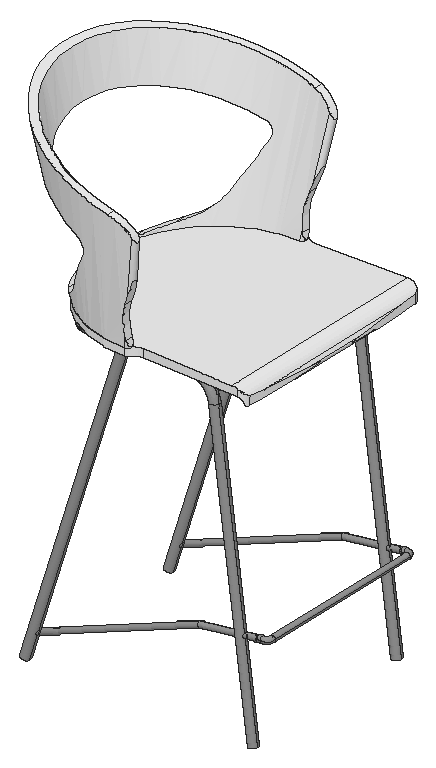
Revit family "Furniture_Chair_IBIS 302B", category Furniture, Revit 2019
Family settings
  OmniClass Number = 23.21.23.15.17
  Work Plane-Based = Yes
  Always vertical = No
  Cut with Voids When Loaded = No
  Shared = No
  Room Calculation Point = No
Parameters (values of type "IBIS 302B")
  Youtube clip = ""
  Uniformat II Description = "Movable Furnishings"
  Uniformat II Code = ""
  Uniclass 2015 Name = ""
  Uniclass 2015 Code = ""
  Uniclass 2.0 Description = ""
  Uniclass 2.0 Code = ""
  Uniclass 1.4 Description = ""
  Uniclass 1.4 Code = ""
  UNSPSC Code = ""
  Technical description = ""
  Shell Material = Plastic - NCS S0502-B Traffic White
  Frame Material = Titanium
  Region South America = "All"
  Region Oceania = "All"
  Region North America = "All"
  Region Middle East = "All"
  Region Europe = "All"
  Region Asia = "All"
  Region Antarctica = "All"
  Region Africa = "All"
  QR code = "https://www.sandlerseating.com/product/ibis-302b/"
  Product url = "https://www.sandlerseating.com/product/ibis-302b/"
  Product name = "IBIS 302b"
  Product group = "Chair"
  Product family = "Furniture"
  Product data url = "https://www.sandlerseating.com/product/ibis-302b/"
  Product certification = ""
  Product SKU = "??"
  Product Guid = "??"
  OmniClass Description = ""
  OmniClass Code = "23-21 23 15 17"
  NBS Reference Description = ""
  NBS Reference Code = ""
  Model = "IBIS 302b"
  Masterformat 2014 Description = "Chair Mats"
  Masterformat 2014 Code = "12 48 43.13"
  Manufacturer name = "Sandler"
  Manufacturer country = "USA"
  Manufacturer = "Sandler"
  Installation instructions = ""
  IFC Classification = "Furnishing Element"
  GTIN code = ""
  Edition number = 1
  Design country = "Brasil"
  Description = "Chair"
  Default Elevation = 0.000 mm
  Date of publishing = ""
  COBIe Type Category = ""
  Brand url = "https://www.sandlerseating.com/"
  BIMobject main category code = "furniture"
  BIMobject main category = "Furniture"
  BIMobject category code = "furniture-chair"
  BIMobject category = "Chair"
Reference planes
  plane 1 "Center Front/Back": y = 0
  plane 2: z = 0
  plane 3 "Center Left/Right": x = 0
Forms (mm)
  Blend 1, solid, material "Plastic - NCS S0502-B Traffic White" <- "Shell Material"
    base sketch origin (5, 0, 1035.777) x (0, -1, 0) y (1, 0, 0)
      loop
        arc (271.963, 55.009) -> (262.648, 60.083) -> (257.575, 50.768) r 7.5
        arc (257.575, 50.768) -> (5.006, -288.749) -> (-250.926, 48.24) r 264.685
        arc (-250.926, 48.24) -> (-256.092, 57.504) -> (-265.356, 52.338) r 7.5
        arc (-265.356, 52.338) -> (5.081, -303.749) -> (271.963, 55.009) r 279.685
    top sketch origin (5, 0, 1035.777) x (0, -1, 0) y (1, 0, 0)
      loop
        arc (-217.11, -8.509) -> (3.504, -229.124) -> (224.118, -8.509) r 220.614
        arc (224.118, -8.509) -> (216.618, -1.009) -> (209.118, -8.509) r 7.5
        arc (209.118, -8.509) -> (3.504, -214.124) -> (-202.11, -8.509) r 205.614
        arc (-202.11, -8.509) -> (-209.61, -1.009) -> (-217.11, -8.509) r 7.5
    from -36.111 to -393.379
  Extrusion 2, solid, material "Plastic - NCS S0502-B Traffic White" <- "Shell Material"
    sketch origin (5, 0, 195.777) x (-1, 0, 0) y (0, 0, 1)
      loop
        line (229.124, 446.621) -> (-192.392, 446.621)
        arc (-192.392, 446.621) -> (-208.511, 441.923) -> (-219.581, 429.3) r 30
        line (-219.581, 429.3) -> (-223.06, 421.839)
        arc (-223.06, 421.839) -> (-220.865, 415.808) -> (-214.834, 418.003) r 4.538
        line (-214.834, 418.003) -> (-211.69, 424.747)
        arc (-211.69, 424.747) -> (-207.296, 429.757) -> (-200.898, 431.621) r 11.907
        line (-200.898, 431.621) -> (214.124, 431.621)
        arc (214.124, 431.621) -> (224.73, 436.015) -> (229.124, 446.621) r 15
    from -225.374 to 224.827
  Extrusion 3, void
    sketch origin (5, 0, 195.777) x (0, 1, 0) y (-1, 0, 0)
      loop
        arc (-224.118, 8.509) -> (-213.345, -2.707) -> (-210.071, -17.91) r 28.477
        arc (-210.071, -17.91) -> (-215.184, -111.374) -> (-213.764, -204.967) r 1340.76
        arc (-213.764, -204.967) -> (-209.82, -213.892) -> (-200.92, -217.894) r 13.631
        arc (-200.92, -217.894) -> (0, -223.589) -> (200.922, -217.976) r 3572.56
        arc (200.922, -217.976) -> (209.816, -213.981) -> (213.759, -205.063) r 13.617
        arc (213.759, -205.063) -> (215.185, -111.422) -> (210.071, -17.91) r 1340.76
        arc (210.071, -17.91) -> (211.516, -6.942) -> (217.032, 2.648) r 28.477
        arc (217.032, 2.648) -> (-0.573, 229.104) -> (-224.118, 8.509) r 220.614
      loop
        line (-295.634, 300.4) -> (-295.634, -279.6) -> (284.366, -279.6) -> (284.366, 300.4) -> (-295.634, 300.4)
    from 398.252 to 470.12
  Extrusion 4, void
    sketch origin (5, 0, 195.777) x (-1, 0, 0) y (0, 0, 1)
      loop
        line (301.446, 784.89) -> (281.072, 696.637) -> (86.537, 621.962)
        arc (86.537, 621.962) -> (74.971, 610.294) -> (76.046, 593.901) r 20
        line (76.046, 593.901) -> (125.877, 500.181)
        arc (125.877, 500.181) -> (149.029, 472.228) -> (181.34, 455.693) r 90
        line (181.34, 455.693) -> (214.124, 446.621) -> (311.009, 446.621) -> (311.009, 866.621) -> (-63.991, 866.621) -> (-63.991, 446.621) -> (1.009, 446.621) -> (3.916, 461.572)
        arc (3.916, 461.572) -> (5.737, 496.318) -> (-2.09, 530.219) r 125
        line (-2.09, 530.219) -> (-32.72, 610.014)
        arc (-32.72, 610.014) -> (-30.459, 661.802) -> (8.958, 695.467) r 65
        line (8.958, 695.467) -> (301.446, 784.89)
    from -302.109 to 290.711
  Sweep 5, solid, material "Titanium" <- "Frame Material"
    path origin (0, 175, -104.223) x (1, 0, 0) y (0, 0, 1)
      loop
        line (208.409, 104.223) -> (133.261, 677.359)
        arc (133.261, 677.359) -> (116.663, 708.442) -> (83.686, 720.859) r 50
        line (83.686, 720.859) -> (-91.314, 720.859)
    profile origin (170.835, 175, 286.568) x (-0.991513, 0, -0.130005) y (0, -1, 0)
      loop
        circle (0, 0) r 9
  Sweep 6, solid, material "Titanium" <- "Frame Material"
    path origin (0, -175, -104.223) x (1, 0, 0) y (0, 0, -1)
      loop
        line (208.409, -104.223) -> (133.261, -677.359)
        arc (133.261, -677.359) -> (116.663, -708.442) -> (83.686, -720.859) r 50
        line (83.686, -720.859) -> (-91.314, -720.859)
    profile origin (170.835, -175, 286.568) x (0.991513, 0, 0.130005) y (0, 1, 0)
      loop
        circle (0, 0) r 9
  Sweep 7, solid, material "Titanium" <- "Frame Material"
    path origin (0, 0, 616.636) x (-1, 0, 0) y (0, -1, 0)
      loop
        line (91.314, 175) -> (113.748, 175)
        arc (113.748, 175) -> (131.426, 167.678) -> (138.748, 150) r 25
        line (138.748, 150) -> (138.748, -150)
        arc (138.748, -150) -> (131.426, -167.678) -> (113.748, -175) r 25
        line (113.748, -175) -> (91.314, -175)
    profile origin (-138.748, 0, 616.636) x (-1, 0, 0) y (0, 0, 1)
      loop
        circle (0, 0) r 9
  Sweep 8, solid, material "Titanium" <- "Frame Material"
    path origin (0, 175, -104.223) x (1, 0, 0) y (0, 0, 1)
      loop
        line (-43.547, 713.342) -> (-235.261, 104.223)
    profile origin (-139.404, 175, 304.56) x (0.95387, 0, -0.30022) y (0, -1, 0)
      loop
        circle (0, 0) r 9
  Sweep 9, solid, material "Titanium" <- "Frame Material"
    path origin (0, -175, -104.223) x (1, 0, 0) y (0, 0, -1)
      loop
        line (-43.547, -713.342) -> (-235.261, -104.223)
    profile origin (-139.404, -175, 304.56) x (-0.95387, 0, 0.30022) y (0, 1, 0)
      loop
        circle (0, 0) r 9
  Sweep 10, solid, material "Titanium" <- "Frame Material"
    path origin (0, 175, -104.223) x (1, 0, 0) y (0, 0, 1)
      loop
        line (-211.214, 156.371) -> (105.499, 280.038) -> (219.379, 296.043)
    profile origin (-52.858, 175, 113.982) x (-0.363725, 0, 0.931506) y (0, -1, 0)
      loop
        circle (0, 0) r 5.5
  Sweep 11, solid, material "Titanium" <- "Frame Material"
    path origin (0, -175, -104.223) x (1, 0, 0) y (0, 0, -1)
      loop
        line (-211.214, -156.371) -> (105.499, -280.038) -> (219.379, -296.043)
    profile origin (-52.858, -175, 113.982) x (0.363725, 0, -0.931506) y (0, 1, 0)
      loop
        circle (0, 0) r 5.5
  Sweep 12, solid, material "Titanium" <- "Frame Material"
    path origin (0, 0, 191.766) x (-1, 0, 0) y (0, -1, 0)
      loop
        line (-218.614, -175) -> (-226.946, -175)
        arc (-226.946, -175) -> (-234.018, -172.071) -> (-236.946, -165) r 10
        line (-236.946, -165) -> (-236.946, 165)
        arc (-236.946, 165) -> (-234.018, 172.071) -> (-226.946, 175) r 10
        line (-226.946, 175) -> (-218.614, 175)
    profile origin (222.78, 175, 191.766) x (0, 1, 0) y (0, 0, 1)
      loop
        circle (0, 0) r 5.5
Cuts and joins
  Extrusion 3 cuts Extrusion 2
  Extrusion 4 cuts Blend 1
Dimensions and locks
  aligned and locked: level to plane 2
